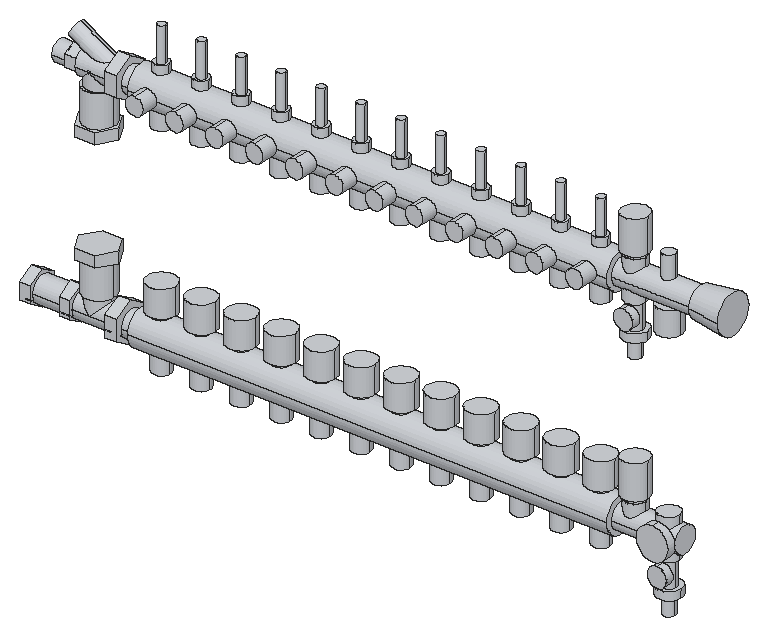
Revit family "318_1dab38ccfa9a4ba2b3cf6a35155c12", category Pipe Accessories, Revit 2017 (continued)
Dimensions and locks
  aligned and locked: plane 35 "356" to Extrusion 147 sketch curve
  aligned and locked: plane 31 "360" to Extrusion 148 sketch curve
  aligned and locked: plane 36 "355" to Extrusion 148 sketch curve
Automatic sketch dimensions
  plane 60 "331" to Extrusion 1 sketch curve = 5 mm
  Extrusion 2 sketch curve to Extrusion 2 sketch curve = 7.5 mm
  plane 8 "383" to Extrusion 3 sketch curve = 4 mm
  plane 12 "379" to Extrusion 4 sketch curve = 4 mm
  Extrusion 5 sketch curve to Extrusion 5 sketch curve = 7.5 mm
  plane 49 "342" to Extrusion 6 sketch curve = 3 mm
  Extrusion 7 sketch curve to plane 59 "332" = 15 mm
  Extrusion 8 sketch curve to plane 59 "332" = 9 mm
  Extrusion 9 sketch curve to plane 20 "371" = 2 mm
  plane 20 "371" to Extrusion 10 sketch curve = 1 mm
  plane 1 "Center (Front/Back)" to Extrusion 11 sketch curve = 0 mm  (x2)
  Extrusion 11 sketch curve to plane 22 "369" = 3 mm
  plane 20 "371" to Extrusion 11 sketch curve = 4.5 mm  (x2)
  plane 37 "354" to Extrusion 11 sketch curve = 0.349 mm
  plane 17 "374" to Extrusion 11 sketch curve = 12.5 mm  (x2)
  Extrusion 11 sketch curve to plane 18 "373" = 3 mm
  Extrusion 11 sketch curve to plane 1 "Center (Front/Back)" = 21.651 mm
  plane 1 "Center (Front/Back)" to Extrusion 12 sketch curve = 0 mm  (x2)
  Extrusion 12 sketch curve to plane 22 "369" = 3 mm
  plane 37 "354" to Extrusion 12 sketch curve = 0.349 mm
  plane 20 "371" to Extrusion 12 sketch curve = 4.5 mm  (x2)
  plane 17 "374" to Extrusion 12 sketch curve = 12.5 mm  (x2)
  Extrusion 12 sketch curve to plane 18 "373" = 3 mm
  Extrusion 12 sketch curve to plane 1 "Center (Front/Back)" = 21.651 mm
  plane 20 "371" to Extrusion 13 sketch curve = 1 mm
  Extrusion 14 sketch curve to plane 20 "371" = 2 mm
  Extrusion 15 sketch curve to Extrusion 15 sketch curve = 10.5 mm
  Extrusion 15 sketch curve to Extrusion 15 sketch curve = 0 mm
  plane 5 "386" to Extrusion 16 sketch curve = 3.5 mm
  Extrusion 17 sketch curve to plane 1 "Center (Front/Back)" = 0 mm  (x2)
  plane 5 "386" to Extrusion 17 sketch curve = 3.01 mm
  Extrusion 17 sketch curve to plane 1 "Center (Front/Back)" = 12.99 mm
  plane 58 "333" to Extrusion 17 sketch curve = 1 mm
  Extrusion 17 sketch curve to level = 7.5 mm  (x2)
  level to Extrusion 17 sketch curve = 7.5 mm  (x2)
  Extrusion 17 sketch curve to plane 34 "357" = 7 mm
  Extrusion 18 sketch curve to plane 1 "Center (Front/Back)" = 0 mm  (x2)
  Extrusion 18 sketch curve to plane 14 "377" = 0 mm
  Extrusion 18 sketch curve to plane 5 "386" = 2.187 mm
  Extrusion 18 sketch curve to plane 1 "Center (Front/Back)" = 18.187 mm
  Extrusion 18 sketch curve to plane 14 "377" = 10.5 mm  (x2)
  Extrusion 18 sketch curve to plane 32 "359" = 10.5 mm  (x2)
  plane 60 "331" to Extrusion 18 sketch curve = 4 mm
  Extrusion 19 sketch curve to plane 1 "Center (Front/Back)" = 0 mm  (x2)
  Extrusion 19 sketch curve to plane 14 "377" = 0 mm
  Extrusion 19 sketch curve to plane 5 "386" = 2.187 mm
  Extrusion 19 sketch curve to plane 1 "Center (Front/Back)" = 18.187 mm
  Extrusion 19 sketch curve to plane 14 "377" = 10.5 mm  (x2)
  Extrusion 19 sketch curve to plane 32 "359" = 10.5 mm  (x2)
  plane 60 "331" to Extrusion 19 sketch curve = 4 mm
  Extrusion 20 sketch curve to plane 5 "386" = 0 mm
  Extrusion 21 sketch curve to plane 1 "Center (Front/Back)" = 0 mm  (x2)
  Extrusion 21 sketch curve to plane 53 "338" = 0 mm
  Extrusion 21 sketch curve to plane 54 "337" = 0 mm
  plane 37 "354" to Extrusion 21 sketch curve = 0.349 mm
  Extrusion 21 sketch curve to plane 34 "357" = 9.5 mm  (x2)
  Extrusion 21 sketch curve to plane 1 "Center (Front/Back)" = 21.651 mm
  plane 58 "333" to Extrusion 21 sketch curve = 3.5 mm  (x2)
  Extrusion 22 sketch curve to plane 1 "Center (Front/Back)" = 0 mm  (x2)
  Extrusion 22 sketch curve to plane 60 "331" = 0 mm
  Extrusion 22 sketch curve to plane 56 "335" = 0 mm
  plane 37 "354" to Extrusion 22 sketch curve = 0.349 mm
  Extrusion 22 sketch curve to plane 14 "377" = 8.5 mm  (x2)
  Extrusion 22 sketch curve to plane 1 "Center (Front/Back)" = 21.651 mm
  Extrusion 22 sketch curve to plane 32 "359" = 12.5 mm  (x2)
  Extrusion 23 sketch curve to plane 5 "386" = 0 mm
  Extrusion 110 sketch curve to plane 5 "386" = 0 mm
  Blend 111 sketch curve to plane 5 "386" = 3 mm
  Blend 111 sketch curve to plane 37 "354" = 2 mm
  plane 49 "342" to Extrusion 112 sketch curve = 5 mm
  plane 1 "Center (Front/Back)" to Extrusion 113 sketch curve = 0 mm  (x2)
  plane 49 "342" to Extrusion 113 sketch curve = 5 mm
  Extrusion 113 sketch curve to plane 52 "339" = 6.5 mm  (x2)
  Extrusion 113 sketch curve to plane 9 "382" = 2.258 mm
  plane 52 "339" to Extrusion 113 sketch curve = 6.5 mm  (x2)
  Extrusion 113 sketch curve to Extrusion 113 sketch curve = 6.5 mm
  Extrusion 113 sketch curve to plane 1 "Center (Front/Back)" = 11.258 mm
  plane 49 "342" to Extrusion 114 sketch curve = 2 mm
  Extrusion 115 sketch curve to plane 5 "386" = 0 mm
  plane 49 "342" to Extrusion 116 sketch curve = 5 mm
  plane 49 "342" to Extrusion 117 sketch curve = 2 mm
  plane 1 "Center (Front/Back)" to Extrusion 118 sketch curve = 0 mm  (x2)
  plane 49 "342" to Extrusion 118 sketch curve = 5 mm
  Extrusion 118 sketch curve to plane 52 "339" = 6.5 mm  (x2)
  Extrusion 118 sketch curve to plane 9 "382" = 2.258 mm
  plane 52 "339" to Extrusion 118 sketch curve = 6.5 mm  (x2)
  Extrusion 118 sketch curve to Extrusion 118 sketch curve = 6.5 mm
  Extrusion 118 sketch curve to plane 1 "Center (Front/Back)" = 11.258 mm
  Extrusion 119 sketch curve to plane 59 "332" = 15 mm
  Extrusion 120 sketch curve to plane 59 "332" = 8 mm
  plane 49 "342" to Extrusion 121 sketch curve = 9 mm
  Extrusion 122 sketch curve to Extrusion 122 sketch curve = 13 mm
  Extrusion 123 sketch curve to plane 9 "382" = 1 mm
  Extrusion 124 sketch curve to plane 9 "382" = 1 mm
  Extrusion 125 sketch curve to plane 9 "382" = 1 mm
  Extrusion 126 sketch curve to plane 9 "382" = 1 mm
  Extrusion 127 sketch curve to plane 9 "382" = 1 mm
  Extrusion 128 sketch curve to plane 9 "382" = 1 mm
  Extrusion 129 sketch curve to plane 9 "382" = 1 mm
  Extrusion 130 sketch curve to plane 9 "382" = 1 mm
  Extrusion 131 sketch curve to plane 9 "382" = 1 mm
  Extrusion 132 sketch curve to plane 9 "382" = 1 mm
  Extrusion 133 sketch curve to plane 9 "382" = 1 mm
  Extrusion 134 sketch curve to plane 9 "382" = 1 mm
  Extrusion 135 sketch curve to plane 9 "382" = 1 mm
  Extrusion 136 sketch curve to plane 9 "382" = 1 mm
  Extrusion 137 sketch curve to plane 9 "382" = 1 mm
  Extrusion 138 sketch curve to plane 9 "382" = 1 mm
  Extrusion 139 sketch curve to plane 9 "382" = 1 mm
  Extrusion 140 sketch curve to plane 9 "382" = 1 mm
  Extrusion 141 sketch curve to plane 9 "382" = 1 mm
  Extrusion 142 sketch curve to plane 9 "382" = 1 mm
  Extrusion 143 sketch curve to plane 9 "382" = 1 mm
  Extrusion 144 sketch curve to plane 9 "382" = 1 mm
  Extrusion 145 sketch curve to plane 9 "382" = 1 mm
  Extrusion 146 sketch curve to plane 9 "382" = 1 mm
  Extrusion 147 sketch curve to plane 9 "382" = 1 mm
  Extrusion 148 sketch curve to plane 9 "382" = 1 mm
Connectors
  piping at (0, 0, 0), diameter 25, driven by "Flow supply main", driven by "SMP"
    settings: on Extrusion 145, index 1, connector inside diameter 609.6 mm, connector length 0 mm, flow factor 0, pipe flow 0.0 L/s, pressure drop 0.0 Pa, fitting loss kfactor 0, connector angle 0.00°, fixture units 0, engagement length 0 mm, angle of deflection 0.00°, flow configuration 1, flow direction 1, fitting loss method 0, system type 7, joint type 0, gender type 0, connector reference index -1, connector utility 0, adjustable connector no, is connector primary yes, connector description "Main_1_1"
  piping at (127, 0, -40), diameter 18, driven by "Flow supply 1", driven by "SBP1"
    settings: on Extrusion 147, index 2, connector inside diameter 609.6 mm, connector length 0 mm, flow factor 0, pipe flow 0.0 L/s, pressure drop 0.0 Pa, fitting loss kfactor 0, connector angle 0.00°, fixture units 0, engagement length 0 mm, angle of deflection 0.00°, flow configuration 0, flow direction 2, fitting loss method 0, system type 7, joint type 0, gender type 0, connector reference index -1, connector utility 0, adjustable connector no, is connector primary no, connector description "Branch_1_1"
  piping at (177, 0, -40), diameter 18, driven by "Flow supply 2", driven by "SBP2"
    settings: on Extrusion 148, index 3, connector inside diameter 609.6 mm, connector length 0 mm, flow factor 0, pipe flow 0.0 L/s, pressure drop 0.0 Pa, fitting loss kfactor 0, connector angle 0.00°, fixture units 0, engagement length 0 mm, angle of deflection 0.00°, flow configuration 0, flow direction 2, fitting loss method 0, system type 7, joint type 0, gender type 0, connector reference index -1, connector utility 0, adjustable connector no, is connector primary no, connector description "Branch_1_2"
  piping at (227, 0, -40), diameter 18, driven by "Flow supply 3", driven by "SBP3"
    settings: on Extrusion 144, index 4, connector inside diameter 609.6 mm, connector length 0 mm, flow factor 0, pipe flow 0.0 L/s, pressure drop 0.0 Pa, fitting loss kfactor 0, connector angle 0.00°, fixture units 0, engagement length 0 mm, angle of deflection 0.00°, flow configuration 0, flow direction 2, fitting loss method 0, system type 7, joint type 0, gender type 0, connector reference index -1, connector utility 0, adjustable connector no, is connector primary no, connector description "Branch_1_3"
  piping at (277, 0, -40), diameter 18, driven by "Flow supply 4", driven by "SBP4"
    settings: on Extrusion 143, index 5, connector inside diameter 609.6 mm, connector length 0 mm, flow factor 0, pipe flow 0.0 L/s, pressure drop 0.0 Pa, fitting loss kfactor 0, connector angle 0.00°, fixture units 0, engagement length 0 mm, angle of deflection 0.00°, flow configuration 0, flow direction 2, fitting loss method 0, system type 7, joint type 0, gender type 0, connector reference index -1, connector utility 0, adjustable connector no, is connector primary no, connector description "Branch_1_4"
  piping at (327, 0, -40), diameter 18, driven by "Flow supply 5", driven by "SBP5"
    settings: on Extrusion 142, index 6, connector inside diameter 609.6 mm, connector length 0 mm, flow factor 0, pipe flow 0.0 L/s, pressure drop 0.0 Pa, fitting loss kfactor 0, connector angle 0.00°, fixture units 0, engagement length 0 mm, angle of deflection 0.00°, flow configuration 0, flow direction 2, fitting loss method 0, system type 7, joint type 0, gender type 0, connector reference index -1, connector utility 0, adjustable connector no, is connector primary no, connector description "Branch_1_5"
  piping at (377, 0, -40), diameter 18, driven by "Flow supply 6", driven by "SBP6"
    settings: on Extrusion 141, index 7, connector inside diameter 609.6 mm, connector length 0 mm, flow factor 0, pipe flow 0.0 L/s, pressure drop 0.0 Pa, fitting loss kfactor 0, connector angle 0.00°, fixture units 0, engagement length 0 mm, angle of deflection 0.00°, flow configuration 0, flow direction 2, fitting loss method 0, system type 7, joint type 0, gender type 0, connector reference index -1, connector utility 0, adjustable connector no, is connector primary no, connector description "Branch_1_6"
  piping at (427, 0, -40), diameter 18, driven by "Flow supply 7", driven by "SBP7"
    settings: on Extrusion 140, index 8, connector inside diameter 609.6 mm, connector length 0 mm, flow factor 0, pipe flow 0.0 L/s, pressure drop 0.0 Pa, fitting loss kfactor 0, connector angle 0.00°, fixture units 0, engagement length 0 mm, angle of deflection 0.00°, flow configuration 0, flow direction 2, fitting loss method 0, system type 7, joint type 0, gender type 0, connector reference index -1, connector utility 0, adjustable connector no, is connector primary no, connector description "Branch_1_7"
  piping at (477, 0, -40), diameter 18, driven by "Flow supply 8", driven by "SBP8"
    settings: on Extrusion 135, index 9, connector inside diameter 609.6 mm, connector length 0 mm, flow factor 0, pipe flow 0.0 L/s, pressure drop 0.0 Pa, fitting loss kfactor 0, connector angle 0.00°, fixture units 0, engagement length 0 mm, angle of deflection 0.00°, flow configuration 0, flow direction 2, fitting loss method 0, system type 7, joint type 0, gender type 0, connector reference index -1, connector utility 0, adjustable connector no, is connector primary no, connector description "Branch_1_8"
  piping at (527, 0, -40), diameter 18, driven by "Flow supply 9", driven by "SBP9"
    settings: on Extrusion 136, index 10, connector inside diameter 609.6 mm, connector length 0 mm, flow factor 0, pipe flow 0.0 L/s, pressure drop 0.0 Pa, fitting loss kfactor 0, connector angle 0.00°, fixture units 0, engagement length 0 mm, angle of deflection 0.00°, flow configuration 0, flow direction 2, fitting loss method 0, system type 7, joint type 0, gender type 0, connector reference index -1, connector utility 0, adjustable connector no, is connector primary no, connector description "Branch_1_9"
  piping at (577, 0, -40), diameter 18, driven by "Flow supply 10", driven by "SBP10"
    settings: on Extrusion 137, index 11, connector inside diameter 609.6 mm, connector length 0 mm, flow factor 0, pipe flow 0.0 L/s, pressure drop 0.0 Pa, fitting loss kfactor 0, connector angle 0.00°, fixture units 0, engagement length 0 mm, angle of deflection 0.00°, flow configuration 0, flow direction 2, fitting loss method 0, system type 7, joint type 0, gender type 0, connector reference index -1, connector utility 0, adjustable connector no, is connector primary no, connector description "Branch_1_10"
  piping at (627, 0, -40), diameter 18, driven by "Flow supply 11", driven by "SBP11"
    settings: on Extrusion 138, index 12, connector inside diameter 609.6 mm, connector length 0 mm, flow factor 0, pipe flow 0.0 L/s, pressure drop 0.0 Pa, fitting loss kfactor 0, connector angle 0.00°, fixture units 0, engagement length 0 mm, angle of deflection 0.00°, flow configuration 0, flow direction 2, fitting loss method 0, system type 7, joint type 0, gender type 0, connector reference index -1, connector utility 0, adjustable connector no, is connector primary no, connector description "Branch_1_11"
  piping at (677, 0, -40), diameter 18, driven by "Flow supply 12", driven by "SBP12"
    settings: on Extrusion 139, index 13, connector inside diameter 609.6 mm, connector length 0 mm, flow factor 0, pipe flow 0.0 L/s, pressure drop 0.0 Pa, fitting loss kfactor 0, connector angle 0.00°, fixture units 0, engagement length 0 mm, angle of deflection 0.00°, flow configuration 0, flow direction 2, fitting loss method 0, system type 7, joint type 0, gender type 0, connector reference index -1, connector utility 0, adjustable connector no, is connector primary no, connector description "Branch_1_12"
  piping at (-35, 0, -274), diameter 25, driven by "Flow return main", driven by "RMP"
    settings: on Extrusion 146, index 14, connector inside diameter 609.6 mm, connector length 0 mm, flow factor 0, pipe flow 0.0 L/s, pressure drop 0.0 Pa, fitting loss kfactor 0, connector angle 0.00°, fixture units 0, engagement length 0 mm, angle of deflection 0.00°, flow configuration 1, flow direction 2, fitting loss method 0, system type 8, joint type 0, gender type 0, connector reference index -1, connector utility 0, adjustable connector no, is connector primary no, connector description "Main_2_1"
  piping at (127, 0, -314), diameter 18, driven by "Flow return 1", driven by "RBP1"
    settings: on Extrusion 133, index 15, connector inside diameter 609.6 mm, connector length 0 mm, flow factor 0, pipe flow 0.0 L/s, pressure drop 0.0 Pa, fitting loss kfactor 0, connector angle 0.00°, fixture units 0, engagement length 0 mm, angle of deflection 0.00°, flow configuration 0, flow direction 1, fitting loss method 0, system type 8, joint type 0, gender type 0, connector reference index -1, connector utility 0, adjustable connector no, is connector primary no, connector description "Branch_2_1"
  piping at (177, 0, -314), diameter 18, driven by "Flow return 2", driven by "RBP2"
    settings: on Extrusion 132, index 16, connector inside diameter 609.6 mm, connector length 0 mm, flow factor 0, pipe flow 0.0 L/s, pressure drop 0.0 Pa, fitting loss kfactor 0, connector angle 0.00°, fixture units 0, engagement length 0 mm, angle of deflection 0.00°, flow configuration 0, flow direction 1, fitting loss method 0, system type 8, joint type 0, gender type 0, connector reference index -1, connector utility 0, adjustable connector no, is connector primary no, connector description "Branch_2_2"
  piping at (227, 0, -314), diameter 18, driven by "Flow return 3", driven by "RBP3"
    settings: on Extrusion 134, index 17, connector inside diameter 609.6 mm, connector length 0 mm, flow factor 0, pipe flow 0.0 L/s, pressure drop 0.0 Pa, fitting loss kfactor 0, connector angle 0.00°, fixture units 0, engagement length 0 mm, angle of deflection 0.00°, flow configuration 0, flow direction 1, fitting loss method 0, system type 8, joint type 0, gender type 0, connector reference index -1, connector utility 0, adjustable connector no, is connector primary no, connector description "Branch_2_3"
  piping at (277, 0, -314), diameter 18, driven by "Flow return 4", driven by "RBP4"
    settings: on Extrusion 131, index 18, connector inside diameter 609.6 mm, connector length 0 mm, flow factor 0, pipe flow 0.0 L/s, pressure drop 0.0 Pa, fitting loss kfactor 0, connector angle 0.00°, fixture units 0, engagement length 0 mm, angle of deflection 0.00°, flow configuration 0, flow direction 1, fitting loss method 0, system type 8, joint type 0, gender type 0, connector reference index -1, connector utility 0, adjustable connector no, is connector primary no, connector description "Branch_2_4"
  piping at (327, 0, -314), diameter 18, driven by "Flow return 5", driven by "RBP5"
    settings: on Extrusion 130, index 19, connector inside diameter 609.6 mm, connector length 0 mm, flow factor 0, pipe flow 0.0 L/s, pressure drop 0.0 Pa, fitting loss kfactor 0, connector angle 0.00°, fixture units 0, engagement length 0 mm, angle of deflection 0.00°, flow configuration 0, flow direction 1, fitting loss method 0, system type 8, joint type 0, gender type 0, connector reference index -1, connector utility 0, adjustable connector no, is connector primary no, connector description "Branch_2_5"
  piping at (377, 0, -314), diameter 18, driven by "Flow return 6", driven by "RBP6"
    settings: on Extrusion 129, index 20, connector inside diameter 609.6 mm, connector length 0 mm, flow factor 0, pipe flow 0.0 L/s, pressure drop 0.0 Pa, fitting loss kfactor 0, connector angle 0.00°, fixture units 0, engagement length 0 mm, angle of deflection 0.00°, flow configuration 0, flow direction 1, fitting loss method 0, system type 8, joint type 0, gender type 0, connector reference index -1, connector utility 0, adjustable connector no, is connector primary no, connector description "Branch_2_6"
  piping at (427, 0, -314), diameter 18, driven by "Flow return 7", driven by "RBP7"
    settings: on Extrusion 128, index 21, connector inside diameter 609.6 mm, connector length 0 mm, flow factor 0, pipe flow 0.0 L/s, pressure drop 0.0 Pa, fitting loss kfactor 0, connector angle 0.00°, fixture units 0, engagement length 0 mm, angle of deflection 0.00°, flow configuration 0, flow direction 1, fitting loss method 0, system type 8, joint type 0, gender type 0, connector reference index -1, connector utility 0, adjustable connector no, is connector primary no, connector description "Branch_2_7"
  piping at (477, 0, -314), diameter 18, driven by "Flow return 8", driven by "RBP8"
    settings: on Extrusion 126, index 22, connector inside diameter 609.6 mm, connector length 0 mm, flow factor 0, pipe flow 0.0 L/s, pressure drop 0.0 Pa, fitting loss kfactor 0, connector angle 0.00°, fixture units 0, engagement length 0 mm, angle of deflection 0.00°, flow configuration 0, flow direction 1, fitting loss method 0, system type 8, joint type 0, gender type 0, connector reference index -1, connector utility 0, adjustable connector no, is connector primary no, connector description "Branch_2_8"
  piping at (527, 0, -314), diameter 18, driven by "Flow return 9", driven by "RBP9"
    settings: on Extrusion 127, index 23, connector inside diameter 609.6 mm, connector length 0 mm, flow factor 0, pipe flow 0.0 L/s, pressure drop 0.0 Pa, fitting loss kfactor 0, connector angle 0.00°, fixture units 0, engagement length 0 mm, angle of deflection 0.00°, flow configuration 0, flow direction 1, fitting loss method 0, system type 8, joint type 0, gender type 0, connector reference index -1, connector utility 0, adjustable connector no, is connector primary no, connector description "Branch_2_9"
  piping at (577, 0, -314), diameter 18, driven by "Flow return 10", driven by "RBP10"
    settings: on Extrusion 123, index 24, connector inside diameter 609.6 mm, connector length 0 mm, flow factor 0, pipe flow 0.0 L/s, pressure drop 0.0 Pa, fitting loss kfactor 0, connector angle 0.00°, fixture units 0, engagement length 0 mm, angle of deflection 0.00°, flow configuration 0, flow direction 1, fitting loss method 0, system type 8, joint type 0, gender type 0, connector reference index -1, connector utility 0, adjustable connector no, is connector primary no, connector description "Branch_2_10"
  piping at (627, 0, -314), diameter 18, driven by "Flow return 11", driven by "RBP11"
    settings: on Extrusion 125, index 25, connector inside diameter 609.6 mm, connector length 0 mm, flow factor 0, pipe flow 0.0 L/s, pressure drop 0.0 Pa, fitting loss kfactor 0, connector angle 0.00°, fixture units 0, engagement length 0 mm, angle of deflection 0.00°, flow configuration 0, flow direction 1, fitting loss method 0, system type 8, joint type 0, gender type 0, connector reference index -1, connector utility 0, adjustable connector no, is connector primary no, connector description "Branch_2_11"
  piping at (677, 0, -314), diameter 18, driven by "Flow return 12", driven by "RBP12"
    settings: on Extrusion 124, index 26, connector inside diameter 609.6 mm, connector length 0 mm, flow factor 0, pipe flow 0.0 L/s, pressure drop 0.0 Pa, fitting loss kfactor 0, connector angle 0.00°, fixture units 0, engagement length 0 mm, angle of deflection 0.00°, flow configuration 0, flow direction 1, fitting loss method 0, system type 8, joint type 0, gender type 0, connector reference index -1, connector utility 0, adjustable connector no, is connector primary no, connector description "Branch_2_12"
